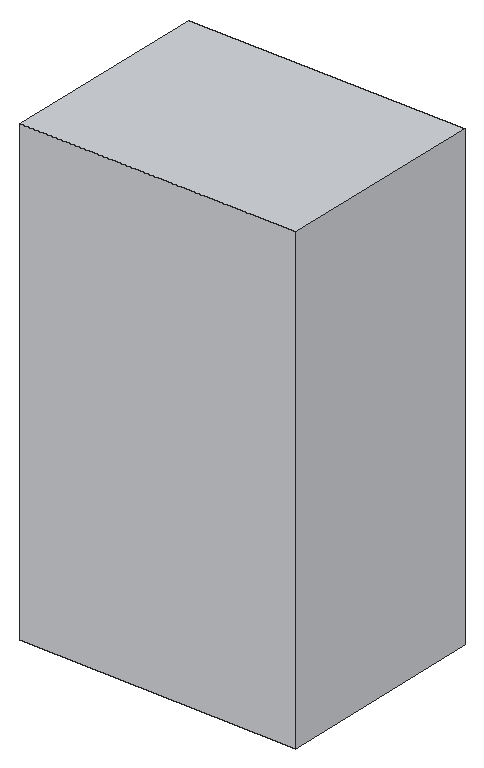
Revit family
Parameters
  Warranty Duration (Years) = 0
  Unit Width [instance] = 0' - 2"
  Unit Height [instance] = 0' - 2"
  Unit Depth = 0' - 1 1/2"
  URL = "http://www.americanspecialties.com/viewCategories.cfm"
  Trim Material = Metal - Stainless Steel
  Test Data = ""
  Specification = "http://www.arcat.com/sdspecs/htm/10810asi.htm"
  SpecWizard = ""
  Send Message = "http://www.arcat.com/users.pl?action=UserEmail&company=American%20Specialties,%20Inc.&coid=30448&rep=139&fax=914-476-0688&mf="
  Sales Information = "http://www.americanspecialties.com/contact"
  Revision = "R1_10-2010"
  Product Properties = "http://www.americanspecialties.com/datasheets/7382.pdf"
  Product Data = "http://www.arcat.com/arcatcos/cos30/arc30448.html"
  Model = "As Specified in 10 28 13"
  Manufacturer Website = "http://www.americanspecialties.com/viewCategories.cfm"
  Manufacturer Phone - Toll Free = ""
  Manufacturer Phone = "914-476-9000 "
  Manufacturer Fax = "914-476-0688"
  Manufacturer Address = "441 Saw Mill River Rd., Yonkers, NY 10701"
  Manufacturer = "American Specialties, Inc."
  Maintenance Schedule (Months) = 0
  Keynote = "10 28 13"
  Installation-Fabrication = "http://www.americanspecialties.com/products.cfm"
  Green Building-LEED = ""
  Expected Lifespan (Years) = 0
  Drawn By = "Robert S. Weygant. CSI, CDT, SCIP"  # constant formula
  Description = "Toilet Accessory as Specified in 10 28 13"
  Default Elevation = 4' - 0"
  Copyright = "©Arcat Inc."
  Construction Details = "http://www.arcat.com/green/clients/leed_data_30448.html"
  Building Codes = "http://www.americanspecialties.com/products.cfm"
  Body Material = Metal - Stainless Steel
  Assembly Code = "C1030210"
Reference planes (in)
  plane 1 "Center (Front/Back)": y = -3.59776
  plane 2 "Floor Line": z = 0
  plane 3 "Center (Left/Right)": x = -1.40843
  plane 4: z = 49
  plane 5: x = -2.40843
  plane 6: x = -0.40843
  plane 7: z = 48
  plane 8: z = 50
  plane 9: y = -2.59776
  plane 10: y = -4.59776
  plane 11: z = 1.5
Forms (in)
  Extrusion 1, solid
    sketch origin (-3, -9, -6) x (0, 0, -1) y (1, 0, 0)
      loop
        line (-82, 26) -> (-82, -19.34712) -> (-6, -19.34712) -> (-6, 26) -> (-82, 26)
    from 9 to -25.60721
  Extrusion 2, solid, material "Metal - Stainless Steel" <- "Body Material"
    sketch origin (0, 0, 0) x (1, 0, 0) y (0, 1, 0)
      loop
        arc (-2.34593, -2.59776) -> (-2.39013, -2.61606) -> (-2.40843, -2.66026) r 0.0625
        line (-2.40843, -2.66026) -> (-2.40843, -4.53526)
        arc (-2.40843, -4.53526) -> (-2.39013, -4.57945) -> (-2.34593, -4.59776) r 0.0625
        line (-2.34593, -4.59776) -> (-0.47093, -4.59776)
        arc (-0.47093, -4.59776) -> (-0.42674, -4.57945) -> (-0.40843, -4.53526) r 0.0625
        line (-0.40843, -4.53526) -> (-0.40843, -2.66026)
        arc (-0.40843, -2.66026) -> (-0.42674, -2.61606) -> (-0.47093, -2.59776) r 0.0625
        line (-0.47093, -2.59776) -> (-2.34593, -2.59776)
    from 0 to 0.4375
  Extrusion 3, solid, material "Metal - Stainless Steel" <- "Body Material"
    sketch origin (0, 0, 0) x (1, 0, 0) y (0, 1, 0)
      loop
        line (-1.65843, -3.09776) -> (-1.65843, -4.09776) -> (-1.15843, -4.09776) -> (-1.15843, -3.09776) -> (-1.65843, -3.09776)
    from 0.4375 to 1.5
  Extrusion 4, solid, material "Metal - Stainless Steel" <- "Body Material"
    sketch origin (-1.90843, 7.10792, -1.35188) x (0, 1, 0) y (0, 0, 1)
      loop
        line (-9.27519, 2.85635) -> (-8.08325, 3.69095) -> (-6.09776, 3.69095) -> (-6.09776, 3.75345) -> (-8.08325, 3.75345) -> (-9.27519, 2.91885) -> (-12.47336, 2.91885)
        arc (-12.47336, 2.91885) -> (-13.03236, 3.65785) -> (-12.34776, 4.28228) r 0.6875
        line (-12.34776, 4.28228) -> (-12.34776, 4.34478)
        arc (-12.34776, 4.34478) -> (-13.09486, 3.66065) -> (-12.479, 2.85635) r 0.75
        line (-12.479, 2.85635) -> (-9.27519, 2.85635)
    from 0 to 1
  Extrusion 5, void
    sketch origin (0, 0, 0) x (1, 0, 0) y (0, 1, 0)
      loop
        arc (-1.90843, 0.51016) -> (-1.40843, 1.01016) -> (-0.90843, 0.51016) r 0.5
        line (-0.90843, 0.51016) -> (-0.90843, 1.15994) -> (-1.90843, 1.15994) -> (-1.90843, 0.51016)
    from 1.5 to 2.93039
  Extrusion 6, void
    sketch origin (0, -6.25, 0) x (1, 0, 0) y (0, 1, 0)
      loop
        arc (-1.90843, 0.51016) -> (-1.40843, 1.01016) -> (-0.90843, 0.51016) r 0.5
        line (-0.90843, 0.51016) -> (-0.90843, 1.15994) -> (-1.90843, 1.15994) -> (-1.90843, 0.51016)
    from 2.54525 to 3.90425
Cuts and joins
  Extrusion 5, Extrusion 6 cuts Extrusion 4
Dimensions and locks (in)
  equal spacing: plane 8, plane 4, plane 7
  equal spacing: plane 6, plane 3 "Center (Left/Right)", plane 5
  "Unit Width": plane 6 to plane 5
  "Unit Height": plane 8 to plane 7
  "Default Elevation": plane 7 to plane 2 "Floor Line"
  equal spacing: plane 9, plane 1 "Center (Front/Back)", plane 10
  "Unit Height": plane 9 to plane 10
  "Unit Depth": plane 11 to plane 2 "Floor Line"
  aligned and locked: Extrusion 1 to level
  aligned and locked: Extrusion 2 sketch curve to plane 9
  aligned and locked: Extrusion 2 sketch curve to plane 6
  aligned and locked: Extrusion 3 to Extrusion 2
  aligned and locked: Extrusion 2 to level
Automatic sketch dimensions
  Extrusion 1 sketch curve to Extrusion 1 sketch curve = 6' - 4"
  Extrusion 1 sketch curve to Extrusion 1 sketch curve = 3' - 9.34712"
  Extrusion 2 sketch curve to plane 5 = 0' - 0"
  Extrusion 2 sketch curve to plane 10 = 0' - 0"
  plane 5 to Extrusion 2 sketch curve = 0' - 0 1/16"  (x2)
  Extrusion 2 sketch curve to plane 6 = 0' - 0 1/16"  (x2)
  Extrusion 3 sketch curve to plane 3 "Center (Left/Right)" = 0' - 0 1/4"
  plane 3 "Center (Left/Right)" to Extrusion 3 sketch curve = 0' - 0 1/4"
  plane 1 "Center (Front/Back)" to Extrusion 3 sketch curve = 0' - 0 1/2"
  Extrusion 3 sketch curve to plane 1 "Center (Front/Back)" = 0' - 0 1/2"
  Extrusion 5 sketch curve to plane 3 "Center (Left/Right)" = 0' - 0"
  Extrusion 5 sketch curve to plane 3 "Center (Left/Right)" = 0' - 0 1/2"  (x2)
  Extrusion 5 sketch curve to Extrusion 5 sketch curve = 0' - 0"  (x3)
  plane 9 to Extrusion 5 sketch curve = 0' - 3.10792"
  Extrusion 5 sketch curve to Extrusion 5 sketch curve = 0' - 0.64978"
  Extrusion 6 sketch curve to plane 3 "Center (Left/Right)" = 0' - 0"
  Extrusion 6 sketch curve to plane 3 "Center (Left/Right)" = 0' - 0 1/2"  (x2)
  Extrusion 6 sketch curve to Extrusion 6 sketch curve = 0' - 0"  (x3)
  Extrusion 6 sketch curve to plane 10 = 0' - 1.14208"
  Extrusion 6 sketch curve to Extrusion 6 sketch curve = 0' - 0.64978"
  Extrusion 4 sketch curve to Extrusion 4 sketch curve = 0' - 0"  (x3)
  plane 11 to Extrusion 4 sketch curve = 0' - 0.00446"
  Extrusion 4 sketch curve to plane 10 = 0' - 0.77332"
  Extrusion 4 sketch curve to Extrusion 4 sketch curve = 0' - 0.00563"
  Extrusion 4 sketch curve to plane 10 = 0' - 0.64208"
  plane 9 to Extrusion 4 sketch curve = 0' - 0.43049"
  plane 11 to Extrusion 4 sketch curve = 0' - 0.06696"
  Extrusion 4 sketch curve to Extrusion 4 sketch curve = 0' - 1.19194"
  plane 11 to Extrusion 4 sketch curve = 0' - 0.83907"
  Extrusion 4 sketch curve to Extrusion 4 sketch curve = 0' - 1.9855"
  Extrusion 4 sketch curve to Extrusion 4 sketch curve = 0' - 0.67593"
  Extrusion 4 sketch curve to Extrusion 4 sketch curve = 0' - 0 1/16"
